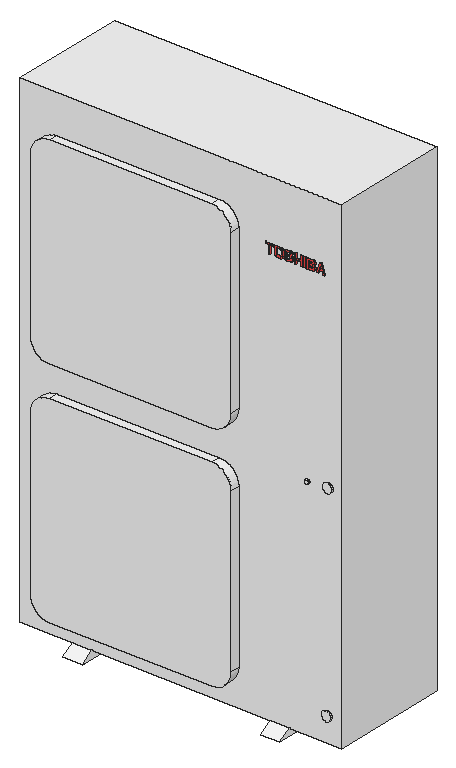
Revit family "RAV_GM1AT8_224-280_Outdoor Unit", category Mechanical Equipment, Revit 2017
Family settings
  Round Connector Dimension = Use Diameter
  Part Type = Normal
  OmniClass Number = 23.75.00.00
  OmniClass Title = Climate Control (HVAC)
  Work Plane-Based = No
  Always vertical = Yes
  Cut with Voids When Loaded = No
  Shared = No
  Room Calculation Point = No
Parameters (values of type "RAV-GM2241AT8-E")
  Width (mm) = 1010 mm
  Wholesaler Art. No. = ""
  Wholesaler = ""
  Weight (Kg) = "142"
  Watermarked By = ""
  White = Colour RGB-255 255 255
  Voltage (V) = "-"
  URL = "https://www.toshiba-carrier.co.jp/global/"
  Top  Clearance (mm) = 1000 mm
  Static pressure = "-"
  Sound pressure - Cooling/Heating (dB)-Mid = "-"
  Sound pressure - Cooling/Heating (dB)-Low+ = "-"
  Sound pressure - Cooling/Heating (dB)-Low = "-"
  Rated Capacity kW-Cooling/Heating = "20.0 / 22.4"
  Right Side Clearance (mm) [instance] = 300 mm
  Rear Clearance [instance] = 150 mm
  Pdesigh-Cooling/Heating = "-"
  Maximum current = "18.0"
  Stabu Code = ""
  Sound pressure - Cooling/Heating (dB)-Mid+ = "-"
  Sound pressure - Cooling/Heating (dB)-High = "58 / 60"
  Left Side Clearance (mm) [instance] = 150 mm
  Service Area [instance] = no
  Running current-Heating = "-"
  Running current-Cooling = "-"
  Revit Version = ""
  Refrigerant information = "-"
  Red = Colour RGB-250 000 000
  Product Line = ""
  Power consumption-Heating = "-"
  Power consumption-Cooling = "-"
  Rated Power Consumption kW-Cooling/Heating = "-"
  Operating range - Heating (°C) = "-20 -15"
  Operating range - Cooling (°C) = "-15 - 46"
  Model = "RAV-GM2241AT8-E"
  Manufacturer URL = "https://www.toshiba-carrier.co.jp/global/"
  Manufacturer Art. No. = "RAV-GM2241AT8-E"
  Manufacturer = "Toshiba"  # constant formula
  MOCP (A) = "25"
  MEPcontent Class = "HEATPUMP"  # constant formula
  MCA (A) = "-"
  Internal Art. No. = ""
  Piping diameter (mm)-Liquid = 12.7 mm
  Piping diameter (mm)-Gas = 28.6 mm
  Height (mm) = 1550 mm
  GTIN = ""
  GLN = ""
  Front Clearance (mm) [instance] = 1000 mm
  Frequency (Hz) = "-"
  Family Version = ""
  Energy class-Cooling/Heating = "-"
  ETIM Article Class = "EC001213"  # constant formula
  EMCS = "4"  # constant formula
  Duct diameters(mm) = "-"
  Drain pipe(mm) = "-"
  Description = "R32 Big DI  3PH"
  Depth (mm) = 370 mm
  Custom = no
  Copyright = "©Toshiba / HCL"  # constant formula
  Content Supplier URL = "www.hcltech.com"
  Compressor detail - Type = "Hermetic DC twin rotary compressor"
  Compressor detail - Motor output  (kW) = "-"
  Seasonal Efficiency-SEER  / SCOP = "-"
  Rated efficiency-EER / COP = "-"
  CB-NL Class = ""
  Base Family Version = ""
  Article Type = "RAV-GM2241AT8-E"
  Article Description = "R32 Big DI  3PH"
  Airflow m3/h-Cooling/Heating = "9150"
Types (3, lengths in mm): name | Static pressure | Rated Capacity kW-Cooling/Heating | Maximum current | Sound pressure - Cooling/Heating (dB)-High | Operating range - Heating (°C) | Model | Manufacturer Art. No. | Article Type | Airflow m3/h-Cooling/Heating
  (no name) | "-" | "20.0 / 22.4" | "18.0" | "58 / 60" | "-20 -15" | "RAV-GM2241AT8-E" | "RAV-GM2241AT8-E" | "RAV-GM2241AT8-E" | "9150"
  RAV-GM2241AT8-E | "-" | "20.0 / 22.4" | "18.0" | "58 / 60" | "-20 -15" | "RAV-GM2241AT8-E" | "RAV-GM2241AT8-E" | "RAV-GM2241AT8-E" | "9150"
  RAV-GM2801AT8-E | "" | "23.5 / 27.0" | "23" | "61 / 63" | "-20 - 15" | "RAV-GM2801AT8-E" | "RAV-GM2801AT8-E" | "RAV-GM2801AT8-E" | "10890"
Reference planes
  plane 1 "Center (Front/Back)": y = 0
  plane 2: z = 280
  plane 3 "Center (Left/Right)": x = 0
  plane 4: x = -505
  plane 5: y = 185
  plane 6: y = -185
  plane 7: x = 505
  plane 8: z = 1830
  plane 9: z = 304
  plane 10: x = -310.19
  plane 11: x = 309.69
  plane 12: x = -134
  plane 13: z = 459
  plane 14: y = -221.5
  plane 15: y = 221.5
  plane 16: y = 115
Forms (mm)
  Extrusion 1, solid, material "Colour RGB-255 255 255"
    sketch origin (-5, 0, 280) x (1, 0, 0) y (0, 1, 0)
      loop
        line (-500, 185) -> (-500, -185) -> (510, -185) -> (510, 185) -> (-500, 185)
    from 24 to 1550
  Extrusion 2, solid, material "Colour RGB-250 000 000" <- "Red", detail levels fine
    sketch origin (-454.557, -185, 1249.47) x (1, 0, 0) y (0, 0, 1)
      loop
        line (720.557, 393.819) -> (720.557, 388.819) -> (730.557, 388.819) -> (730.557, 363.819) -> (735.557, 363.819) -> (735.557, 388.819) -> (745.557, 388.819) -> (745.557, 393.819) -> (720.557, 393.819)
      loop
        arc (788.557, 381.632) -> (786.436, 382.51) -> (785.557, 384.632) r 3
        line (785.557, 384.632) -> (785.557, 385.819)
        arc (785.557, 385.819) -> (786.436, 387.941) -> (788.557, 388.819) r 3
        line (788.557, 388.819) -> (797.557, 388.819)
        arc (797.557, 388.819) -> (799.678, 387.941) -> (800.557, 385.819) r 3
        line (800.557, 385.819) -> (805.557, 385.819) -> (805.557, 387.819)
        arc (805.557, 387.819) -> (803.8, 392.062) -> (799.557, 393.819) r 6
        line (799.557, 393.819) -> (786.557, 393.819)
        arc (786.557, 393.819) -> (782.315, 392.062) -> (780.557, 387.819) r 6
        line (780.557, 387.819) -> (780.557, 382.632)
        arc (780.557, 382.632) -> (782.315, 378.389) -> (786.557, 376.632) r 6
        line (786.557, 376.632) -> (797.557, 376.632)
        arc (797.557, 376.632) -> (799.678, 375.753) -> (800.557, 373.632) r 3
        line (800.557, 373.632) -> (800.557, 371.819)
        arc (800.557, 371.819) -> (799.678, 369.698) -> (797.557, 368.819) r 3
        line (797.557, 368.819) -> (788.545, 368.819)
        arc (788.545, 368.819) -> (786.432, 369.694) -> (785.557, 371.807) r 2.988
        line (785.557, 371.807) -> (780.557, 371.807) -> (780.557, 369.819)
        arc (780.557, 369.819) -> (782.315, 365.577) -> (786.557, 363.819) r 6
        line (786.557, 363.819) -> (799.557, 363.819)
        arc (799.557, 363.819) -> (803.8, 365.577) -> (805.557, 369.819) r 6
        line (805.557, 369.819) -> (805.557, 375.632)
        arc (805.557, 375.632) -> (803.8, 379.874) -> (799.557, 381.632) r 6
        line (799.557, 381.632) -> (788.557, 381.632)
      loop
        line (750.557, 387.819) -> (750.557, 369.819)
        arc (750.557, 369.819) -> (752.315, 365.577) -> (756.557, 363.819) r 6
        line (756.557, 363.819) -> (769.557, 363.819)
        arc (769.557, 363.819) -> (773.8, 365.577) -> (775.557, 369.819) r 6
        line (775.557, 369.819) -> (775.557, 387.819)
        arc (775.557, 387.819) -> (773.8, 392.062) -> (769.557, 393.819) r 6
        line (769.557, 393.819) -> (756.557, 393.819)
        arc (756.557, 393.819) -> (752.315, 392.062) -> (750.557, 387.819) r 6
      loop
        line (811.182, 393.819) -> (811.182, 363.819) -> (816.182, 363.819) -> (816.182, 376.632) -> (831.182, 376.632) -> (831.182, 363.819) -> (836.182, 363.819) -> (836.182, 393.819) -> (831.182, 393.819) -> (831.182, 381.632) -> (816.182, 381.632) -> (816.182, 393.819) -> (811.182, 393.819)
      loop
        line (755.557, 385.819) -> (755.557, 371.819)
        arc (755.557, 371.819) -> (756.436, 369.698) -> (758.557, 368.819) r 3
        line (758.557, 368.819) -> (767.557, 368.819)
        arc (767.557, 368.819) -> (769.678, 369.698) -> (770.557, 371.819) r 3
        line (770.557, 371.819) -> (770.557, 385.819)
        arc (770.557, 385.819) -> (769.678, 387.941) -> (767.557, 388.819) r 3
        line (767.557, 388.819) -> (758.557, 388.819)
        arc (758.557, 388.819) -> (756.436, 387.941) -> (755.557, 385.819) r 3
      loop
        line (841.182, 393.819) -> (841.182, 363.819) -> (846.182, 363.819) -> (846.182, 393.819) -> (841.182, 393.819)
      loop
        line (851.182, 393.819) -> (851.182, 363.819) -> (868.19, 363.819)
        arc (868.19, 363.819) -> (873.724, 366.042) -> (876.182, 371.476) r 8
        arc (876.182, 371.476) -> (874.843, 375.731) -> (871.309, 378.453) r 7.431
        arc (871.309, 378.453) -> (874.856, 381.192) -> (876.182, 385.473) r 7.431
        arc (876.182, 385.473) -> (873.968, 391.352) -> (868.19, 393.819) r 8
        line (868.19, 393.819) -> (851.182, 393.819)
      loop
        line (856.182, 388.819) -> (856.182, 381.632) -> (867.615, 381.632)
        arc (867.615, 381.632) -> (871.208, 385.226) -> (867.615, 388.819) r 3.594
        line (867.615, 388.819) -> (856.182, 388.819)
      loop
        line (856.182, 376.319) -> (856.182, 368.819) -> (867.642, 368.819)
        arc (867.642, 368.819) -> (871.392, 372.569) -> (867.642, 376.319) r 3.75
        line (867.642, 376.319) -> (856.182, 376.319)
      loop
        line (891.182, 393.819) -> (881.182, 363.819) -> (886.453, 363.819) -> (888.64, 370.382) -> (898.724, 370.382) -> (900.912, 363.819) -> (906.182, 363.819) -> (896.182, 393.819) -> (891.182, 393.819)
      loop
        line (890.307, 375.382) -> (897.058, 375.382) -> (893.682, 385.508) -> (890.307, 375.382)
    from 0 to 2
  Extrusion 3, solid, material "Colour RGB-255 255 255" <- "White", detail levels fine
    sketch origin (-495, -1474, 1830) x (0, -1, 0) y (-1, 0, 0)
      loop
        circle (-1589, -426) r 12.5
    from 1526 to 1528.975
  Extrusion 4, solid, material "Colour RGB-255 255 255" <- "White", detail levels fine
    sketch origin (-495, -185, 1200) x (1, 0, 0) y (0, 0, 1)
      loop
        circle (891, -185) r 6.35
      loop
        circle (956, -180) r 14.3
    from 0 to 3.029
  Extrusion 5, solid, material "Colour RGB-255 255 255", detail levels medium+fine
    sketch origin (-505, 195, 1200) x (0, -1, 0) y (0, 0, 1)
      loop
        line (416.5, -920) -> (380, -896) -> (10, -896) -> (-26.5, -920) -> (416.5, -920)
    from -225.355 to -165.127
  Extrusion 6, solid, material "Colour RGB-255 255 255" <- "White", detail levels fine
    sketch origin (-495, -185, 1170) x (1, 0, 0) y (0, 0, 1)
      loop
        circle (952.41, -790.652) r 15
    from 0 to 3.029
  Extrusion 7, solid, material "Colour RGB-255 255 255", detail levels medium+fine
    sketch origin (505, 195, 1200) x (0, -1, 0) y (0, 0, -1)
      loop
        line (416.5, 920) -> (-26.5, 920) -> (10, 896) -> (380, 896) -> (416.5, 920)
    from -225.355 to -165.127
Lines and regions (mm)
  model lines, detail levels fine
    curve 1: line (-505, -185, 1786) -> (-505, 185, 1786)
    curve 2: line (505, -185, 1786) -> (-505, -185, 1786)
    curve 3: line (199, -185, 304) -> (199, -185, 1786)
    curve 4: line (505, -185, 1786) -> (505, 185, 1786)
    curve 5: line (441.5, 185, 333.5) -> (441.5, 185, 1830)
    curve 6: line (-225, 185, 333.5) -> (446.5, 185, 333.5)
    curve 7: line (446.5, 185, 334) -> (446.5, 185, 333.5)
    curve 8: line (-225, 185, 1830) -> (-225, 185, 328.5)
    curve 9: line (-505, 185, 328.5) -> (-225, 185, 328.5)
    curve 10: line (-452.2, 165.3, 1830) -> (452.2, 165.3, 1830)
    curve 11: line (-461, 47.1, 1830) -> (-461, 156.5, 1830)
    curve 12: line (452.2, 38.3, 1830) -> (-452.2, 38.3, 1830)
    curve 13: line (461, 156.5, 1830) -> (461, 47.1, 1830)
    curve 14: arc (-452.2, 165.3, 1830) -> (-458.423, 162.723, 1830) -> (-461, 156.5, 1830) r 8.8
    curve 15: arc (-461, 47.1, 1830) -> (-458.423, 40.877, 1830) -> (-452.2, 38.3, 1830) r 8.8
    curve 16: arc (461, 156.5, 1830) -> (458.423, 162.723, 1830) -> (452.2, 165.3, 1830) r 8.8
    curve 17: arc (461, 47.1, 1830) -> (458.423, 40.877, 1830) -> (452.2, 38.3, 1830) r 8.8
    curve 18: line (-452.2, 20.352, 1830) -> (452.2, 20.352, 1830)
    curve 19: line (-461, -27.848, 1830) -> (-461, 11.552, 1830)
    curve 20: line (452.2, -36.648, 1830) -> (-452.2, -36.648, 1830)
    curve 21: line (461, 11.552, 1830) -> (461, -27.848, 1830)
    curve 22: arc (-452.2, 20.352, 1830) -> (-458.423, 17.774, 1830) -> (-461, 11.552, 1830) r 8.8
    curve 23: arc (-461, -27.848, 1830) -> (-458.423, -34.071, 1830) -> (-452.2, -36.648, 1830) r 8.8
    curve 24: arc (461, 11.552, 1830) -> (458.423, 17.774, 1830) -> (452.2, 20.352, 1830) r 8.8
    curve 25: arc (461, -27.848, 1830) -> (458.423, -34.071, 1830) -> (452.2, -36.648, 1830) r 8.8
    curve 26: line (-452.2, -59.648, 1830) -> (452.2, -59.648, 1830)
    curve 27: line (-461, -146.2, 1830) -> (-461, -68.448, 1830)
    curve 28: line (452.2, -155, 1830) -> (-452.2, -155, 1830)
    curve 29: line (461, -68.448, 1830) -> (461, -146.2, 1830)
    curve 30: arc (-452.2, -59.648, 1830) -> (-458.423, -62.226, 1830) -> (-461, -68.448, 1830) r 8.8
    curve 31: arc (-461, -146.2, 1830) -> (-458.423, -152.423, 1830) -> (-452.2, -155, 1830) r 8.8
    curve 32: arc (461, -68.448, 1830) -> (458.423, -62.226, 1830) -> (452.2, -59.648, 1830) r 8.8
    curve 33: arc (461, -146.2, 1830) -> (458.423, -152.423, 1830) -> (452.2, -155, 1830) r 8.8
    curve 34: line (330, -185, 495.644) -> (505, -185, 495.644)
    curve 35: line (330, -185, 304) -> (330, -185, 495.644)
    curve 36: line (505, -185, 304) -> (330, -185, 304)
    curve 37: line (505, -185, 495.644) -> (505, -185, 304)
    curve 38: line (417, -185, 430) -> (497, -185, 430)
    curve 39: line (417, -185, 335) -> (417, -185, 430)
    curve 40: line (497, -185, 335) -> (417, -185, 335)
    curve 41: line (497, -185, 430) -> (497, -185, 335)
    curve 42: circle (370, -185, 459) r 19 normal (0, -1, 0)
    curve 43: line (505, -37.646, 1751.63) -> (505, 142.354, 1751.63)
    curve 44: line (505, -37.646, 455.63) -> (505, -37.646, 1751.63)
    curve 45: line (505, 142.354, 455.63) -> (505, -37.646, 455.63)
    curve 46: line (505, 142.354, 1751.63) -> (505, 142.354, 455.63)
    curve 47: line (505, -167, 454) -> (505, -87, 454)
    curve 48: line (505, -167, 359) -> (505, -167, 454)
    curve 49: line (505, -87, 359) -> (505, -167, 359)
    curve 50: line (505, -87, 454) -> (505, -87, 359)
    curve 51: circle (505, 11, 422) r 15 normal (-1, 0, 0)
    curve 52: line (505, -57.646, 1786) -> (505, -57.646, 304)
    curve 53: line (-505, -167, 1771.426) -> (-505, -102, 1771.426)
    curve 54: line (-505, -167, 991.426) -> (-505, -167, 1771.426)
    curve 55: line (-505, -102, 991.426) -> (-505, -167, 991.426)
    curve 56: line (-505, -102, 1771.426) -> (-505, -102, 991.426)
    curve 57: line (-505, -82, 1771.426) -> (-505, -17, 1771.426)
    curve 58: line (-505, -82, 991.426) -> (-505, -82, 1771.426)
    curve 59: line (-505, -17, 991.426) -> (-505, -82, 991.426)
    curve 60: line (-505, -17, 1771.426) -> (-505, -17, 991.426)
    curve 61: line (-505, 167, 1771.426) -> (-505, 52, 1771.426)
    curve 62: line (-505, 167, 991.426) -> (-505, 167, 1771.426)
    curve 63: line (-505, 52, 991.426) -> (-505, 167, 991.426)
    curve 64: line (-505, 52, 1771.426) -> (-505, 52, 991.426)
    curve 65: line (-505, 32, 1771.426) -> (-505, 17, 1771.426)
    curve 66: line (-505, 32, 991.426) -> (-505, 32, 1771.426)
    curve 67: line (-505, 17, 991.426) -> (-505, 32, 991.426)
    curve 68: line (-505, 17, 1771.426) -> (-505, 17, 991.426)
    curve 69: line (-505, -167, 971.426) -> (-505, -102, 971.426)
    curve 70: line (-505, -167, 706.426) -> (-505, -167, 971.426)
    curve 71: line (-505, -102, 706.426) -> (-505, -167, 706.426)
    curve 72: line (-505, -102, 971.426) -> (-505, -102, 706.426)
    curve 73: line (-505, -82, 971.426) -> (-505, -17, 971.426)
    curve 74: line (-505, -82, 706.426) -> (-505, -82, 971.426)
    curve 75: line (-505, -17, 706.426) -> (-505, -82, 706.426)
    curve 76: line (-505, -17, 971.426) -> (-505, -17, 706.426)
    curve 77: line (-505, 167, 971.426) -> (-505, 102, 971.426)
    curve 78: line (-505, 167, 706.426) -> (-505, 167, 971.426)
    curve 79: line (-505, 102, 706.426) -> (-505, 167, 706.426)
    curve 80: line (-505, 102, 971.426) -> (-505, 102, 706.426)
    curve 81: line (-505, 82, 971.426) -> (-505, 67, 971.426)
    curve 82: line (-505, 82, 706.426) -> (-505, 82, 971.426)
    curve 83: line (-505, 67, 706.426) -> (-505, 82, 706.426)
    curve 84: line (-505, 67, 971.426) -> (-505, 67, 706.426)
    curve 85: line (-505, -167, 619) -> (-505, -102, 619)
    curve 86: line (-505, -167, 334) -> (-505, -167, 619)
    curve 87: line (-505, -102, 334) -> (-505, -167, 334)
    curve 88: line (-505, -102, 619) -> (-505, -102, 334)
    curve 89: line (-505, -82, 619) -> (-505, -17, 619)
    curve 90: line (-505, -82, 334) -> (-505, -82, 619)
    curve 91: line (-505, -17, 334) -> (-505, -82, 334)
    curve 92: line (-505, -17, 619) -> (-505, -17, 334)
    curve 93: line (-505, 167, 619) -> (-505, 102, 619)
    curve 94: line (-505, 167, 334) -> (-505, 167, 619)
    curve 95: line (-505, 102, 334) -> (-505, 167, 334)
    curve 96: line (-505, 102, 619) -> (-505, 102, 334)
    curve 97: line (-505, 82, 619) -> (-505, 67, 619)
    curve 98: line (-505, 82, 334) -> (-505, 82, 619)
    curve 99: line (-505, 67, 334) -> (-505, 82, 334)
    curve 100: line (-505, 67, 619) -> (-505, 67, 334)
    curve 101: line (-505, -151.487, 682.5) -> (-505, 17, 682.5)
    curve 102: line (-505, -151.487, 634.713) -> (-505, -151.487, 682.5)
    curve 103: line (-505, 17, 634.713) -> (-505, -151.487, 634.713)
    curve 104: line (-505, 17, 682.5) -> (-505, 17, 634.713)
    curve 105: line (-505, 87.078, 676.688) -> (-505, 122.078, 676.688)
    curve 106: line (-505, 87.078, 646.688) -> (-505, 87.078, 676.688)
    curve 107: line (-505, 122.078, 646.688) -> (-505, 87.078, 646.688)
    curve 108: line (-505, 122.078, 676.688) -> (-505, 122.078, 646.688)
    curve 109: line (-247, 185, 1766.051) -> (-327, 185, 1766.051)
    curve 110: line (-247, 185, 366.051) -> (-247, 185, 1766.051)
    curve 111: line (-327, 185, 366.051) -> (-247, 185, 366.051)
    curve 112: line (-327, 185, 1766.051) -> (-327, 185, 366.051)
    curve 113: line (-403.75, 185, 1630.302) -> (-438.75, 185, 1630.302)
    curve 114: line (-403.75, 185, 1310.302) -> (-403.75, 185, 1630.302)
    curve 115: line (-438.75, 185, 1310.302) -> (-403.75, 185, 1310.302)
    curve 116: line (-438.75, 185, 1630.302) -> (-438.75, 185, 1310.302)
    curve 117: line (-403.75, 185, 1152.164) -> (-438.75, 185, 1152.164)
    curve 118: line (-403.75, 185, 350.5) -> (-403.75, 185, 1152.164)
    curve 119: line (-438.75, 185, 350.5) -> (-403.75, 185, 350.5)
    curve 120: line (-438.75, 185, 1152.164) -> (-438.75, 185, 350.5)
    curve 121: line (-380.477, 185, 1256.238) -> (-455.477, 185, 1256.238)
    curve 122: line (-380.477, 185, 1216.238) -> (-380.477, 185, 1256.238)
    curve 123: line (-455.477, 185, 1216.238) -> (-380.477, 185, 1216.238)
    curve 124: line (-455.477, 185, 1256.238) -> (-455.477, 185, 1216.238)
    curve 125: line (-429.22, 185, 1795) -> (-493.22, 185, 1795)
    curve 126: line (-429.22, 185, 1700) -> (-429.22, 185, 1795)
    curve 127: line (-493.22, 185, 1700) -> (-429.22, 185, 1700)
    curve 128: line (-493.22, 185, 1795) -> (-493.22, 185, 1700)
    curve 129: line (441.5, 185, 1786) -> (-225, 185, 1786)
    curve 130: line (-419.22, 185, 1830) -> (-419.22, 185, 1680)
    curve 131: line (-454.22, 185, 1645) -> (-505, 185, 1645)
    curve 132: arc (-454.22, 185, 1645) -> (-429.471, 185, 1655.251) -> (-419.22, 185, 1680) r 35
Dimensions and locks
  "Depth (mm)": plane 6 to plane 5
  "Width (mm)": plane 4 to plane 7
  "Height (mm)": plane 8 to level
  locked: plane 9 to plane 2 at 24
  plane 10 to plane 11 = 619.881 mm
  nested 1 to level = 391 mm
  nested 3 to nested 1 = 725 mm
  plane 4 to plane 12 = 371 mm
  plane 4 to plane 7 = 1010 mm
  Extrusion 4 to plane 9 = 716 mm
  Extrusion 4 to plane 9 = 711 mm
  curve 42 to plane 7 = 135 mm
  plane 13 to plane 9 = 155 mm
  plane 5 to plane 6 = 370 mm
  plane 8 to level = 1550 mm
  plane 6 to plane 5 = 370 mm
  level to plane 8 = 1550 mm
  nested 1 to plane 6 = 30 mm
  plane 14 to plane 15 = 443 mm
  Extrusion 3 to plane 3 "Center (Left/Right)" = 69 mm
  Extrusion 1 to plane 16 = 70 mm
  aligned and locked: level to plane 2
  aligned and locked: Extrusion 1 to plane 5
  aligned and locked: plane 6 to Extrusion 1
  aligned and locked: plane 4 to Extrusion 1
  aligned and locked: Extrusion 1 to plane 7
  aligned and locked: Extrusion 1 to plane 8
  aligned and locked: plane 7 to curve 37
  aligned and locked: plane 9 to Extrusion 5 sketch curve
  aligned and locked: Extrusion 1 to plane 9
  aligned and locked: plane 9 to curve 3
  aligned and locked: plane 8 to curve 5
  aligned and locked: plane 8 to curve 8
  aligned and locked: nested 2 to plane 2
  aligned and locked: Extrusion 3 to Extrusion 1
  aligned and locked: nested 3 to plane 6
  aligned and locked: nested 1 to plane 6
  aligned and locked: Extrusion 4 to Extrusion 6
  aligned and locked: plane 4 to nested 2
Automatic sketch dimensions
  Extrusion 1 sketch curve to plane 4 = 0 mm
  plane 6 to Extrusion 1 sketch curve = 0 mm
  Extrusion 1 sketch curve to plane 7 = 0 mm
  plane 5 to Extrusion 1 sketch curve = 0 mm
  curve 1 to plane 5 = 0 mm
  curve 1 to plane 6 = 0 mm
  plane 5 to curve 93 = 18 mm
  plane 5 to curve 63 = 18 mm
  plane 5 to curve 78 = 18 mm
  curve 93 to curve 108 = 44.922 mm
  curve 105 to curve 79 = 20.078 mm
  plane 9 to curve 96 = 30 mm
  curve 94 to curve 96 = 65 mm
  curve 79 to curve 106 = 14.922 mm
  curve 79 to curve 82 = 20 mm
  curve 95 to curve 99 = 20 mm
  curve 82 to curve 83 = 15 mm
  curve 98 to curve 99 = 15 mm
  curve 81 to curve 64 = 15 mm
  curve 61 to curve 66 = 20 mm
  curve 66 to curve 67 = 15 mm
  curve 101 to plane 1 "Center (Front/Back)" = 17 mm
  plane 1 "Center (Front/Back)" to curve 59 = 17 mm
  plane 1 "Center (Front/Back)" to curve 75 = 17 mm
  plane 1 "Center (Front/Back)" to curve 92 = 17 mm
  curve 59 to curve 58 = 65 mm
  curve 89 to curve 89 = 65 mm
  curve 75 to curve 74 = 65 mm
  curve 57 to curve 56 = 20 mm
  curve 90 to curve 87 = 20 mm
  curve 73 to curve 69 = 20 mm
  curve 101 to plane 6 = 33.513 mm
  curve 70 to plane 6 = 18 mm
  curve 85 to plane 6 = 18 mm
  curve 54 to plane 6 = 18 mm
  plane 9 to curve 92 = 30 mm
  plane 9 to curve 86 = 30 mm
  curve 95 to curve 98 = 0 mm
  curve 91 to curve 92 = 285 mm
  curve 100 to curve 89 = 0 mm
  curve 89 to curve 88 = 0 mm
  curve 96 to curve 97 = 0 mm
  curve 89 to curve 103 = 15.713 mm
  curve 93 to curve 108 = 27.688 mm
  curve 106 to curve 106 = 30 mm
  curve 103 to curve 101 = 47.787 mm
  curve 101 to curve 75 = 23.926 mm
  curve 74 to curve 72 = 0 mm
  curve 105 to curve 78 = 29.738 mm
  curve 79 to curve 82 = 0 mm
  curve 83 to curve 84 = 265 mm
  curve 80 to curve 81 = 0 mm
  curve 81 to curve 76 = 0 mm
  curve 73 to curve 72 = 0 mm
  curve 73 to curve 68 = 20 mm
  curve 69 to curve 55 = 20 mm
  curve 64 to curve 66 = 0 mm
  curve 73 to curve 58 = 20 mm
  plane 8 to curve 61 = 58.574 mm
  plane 8 to curve 60 = 58.574 mm
  curve 65 to curve 57 = 0 mm
  curve 57 to curve 56 = 0 mm
  curve 53 to curve 1 = 14.574 mm
  plane 4 to curve 2 = 0 mm
  curve 35 to plane 9 = 0 mm
  plane 7 to curve 2 = 0 mm
  curve 34 to plane 11 = 20.31 mm
  plane 7 to curve 38 = 8 mm
  curve 38 to curve 42 = 29 mm
  curve 38 to curve 34 = 65.644 mm
  plane 11 to curve 3 = 110.69 mm
  plane 8 to curve 2 = 44 mm
  plane 4 to curve 9 = 0 mm
  plane 4 to curve 131 = 0 mm
  curve 130 to plane 8 = 0 mm
  curve 128 to plane 4 = 11.78 mm
  curve 124 to plane 4 = 49.523 mm
  curve 127 to curve 132 = 39 mm
  curve 123 to curve 120 = 16.727 mm
  curve 121 to curve 115 = 16.727 mm
  curve 125 to curve 125 = 64 mm
  curve 126 to curve 130 = 10 mm
  curve 117 to curve 118 = 35 mm
  curve 115 to curve 115 = 35 mm
  curve 114 to curve 122 = 23.273 mm
  curve 112 to plane 10 = 16.81 mm
  plane 10 to curve 110 = 63.19 mm
  curve 110 to curve 8 = 22 mm
  plane 7 to curve 7 = 58.5 mm
  plane 8 to curve 125 = 35 mm
  plane 8 to curve 109 = 63.949 mm
  curve 127 to curve 125 = 95 mm
  curve 132 to curve 126 = 20 mm
  curve 114 to curve 132 = 49.698 mm
  curve 116 to curve 113 = 320 mm
  curve 121 to curve 115 = 54.064 mm
  curve 123 to curve 121 = 40 mm
  curve 117 to curve 122 = 64.074 mm
  plane 9 to curve 111 = 62.051 mm
  plane 9 to curve 118 = 46.5 mm
  plane 9 to curve 7 = 29.5 mm
  curve 9 to curve 6 = 5 mm
  plane 7 to curve 5 = 63.5 mm
  curve 109 to curve 129 = 19.949 mm
  curve 6 to curve 7 = 0.5 mm
  curve 4 to plane 5 = 0 mm
  curve 52 to plane 9 = 0 mm
  curve 4 to plane 6 = 0 mm
  plane 5 to curve 46 = 42.646 mm
  plane 1 "Center (Front/Back)" to curve 43 = 37.646 mm
  curve 44 to curve 47 = 49.354 mm
  curve 48 to plane 6 = 18 mm
  plane 9 to curve 48 = 55 mm
  curve 48 to curve 48 = 95 mm
  plane 9 to curve 46 = 151.63 mm
  plane 8 to curve 46 = 78.37 mm
  plane 1 "Center (Front/Back)" to curve 52 = 57.646 mm
  curve 43 to curve 52 = 34.37 mm
  plane 5 to curve 10 = 19.7 mm
  curve 10 to curve 11 = 8.8 mm
  curve 10 to curve 13 = 8.8 mm
  curve 13 to plane 1 "Center (Front/Back)" = 47.1 mm
  curve 15 to plane 1 "Center (Front/Back)" = 47.1 mm
  curve 15 to curve 12 = 8.8 mm
  curve 12 to curve 18 = 17.948 mm
  curve 24 to curve 24 = 8.8 mm
  curve 22 to curve 22 = 8.8 mm
  plane 1 "Center (Front/Back)" to curve 21 = 27.848 mm
  plane 1 "Center (Front/Back)" to curve 23 = 27.848 mm
  curve 23 to curve 20 = 8.8 mm
  curve 20 to curve 26 = 23 mm
  curve 26 to curve 29 = 8.8 mm
  curve 26 to curve 27 = 8.8 mm
  curve 31 to plane 6 = 38.8 mm
  curve 33 to plane 6 = 38.8 mm
  curve 31 to curve 28 = 8.8 mm
  curve 19 to plane 4 = 44 mm
  curve 11 to curve 18 = 8.8 mm
  curve 27 to plane 4 = 44 mm
  plane 7 to curve 33 = 52.8 mm
  curve 20 to curve 26 = 0 mm
  plane 7 to curve 10 = 52.8 mm
  plane 11 to Extrusion 2 sketch curve = 43.69 mm
  Extrusion 2 sketch curve to Extrusion 2 sketch curve = 10 mm  (x2)
  Extrusion 2 sketch curve to Extrusion 2 sketch curve = 5 mm  (x21)
  plane 11 to Extrusion 2 sketch curve = 13.69 mm
  plane 11 to Extrusion 2 sketch curve = 7.69 mm
  Extrusion 2 sketch curve to Extrusion 2 sketch curve = 1 mm  (x13)
  Extrusion 2 sketch curve to Extrusion 2 sketch curve = 2 mm  (x9)
  Extrusion 2 sketch curve to plane 11 = 3.31 mm  (x2)
  Extrusion 2 sketch curve to plane 11 = 5.31 mm
  Extrusion 2 sketch curve to Extrusion 2 sketch curve = 1.988 mm
  Extrusion 2 sketch curve to Extrusion 2 sketch curve = 9.012 mm
  Extrusion 2 sketch curve to Extrusion 2 sketch curve = 0 mm  (x12)
  Extrusion 2 sketch curve to Extrusion 2 sketch curve = 9 mm
  Extrusion 2 sketch curve to Extrusion 2 sketch curve = 5.625 mm
  Extrusion 2 sketch curve to Extrusion 2 sketch curve = 10.625 mm
  Extrusion 2 sketch curve to Extrusion 2 sketch curve = 15 mm
  Extrusion 2 sketch curve to Extrusion 2 sketch curve = 11.432 mm
  Extrusion 2 sketch curve to Extrusion 2 sketch curve = 0.028 mm
  Extrusion 2 sketch curve to Extrusion 2 sketch curve = 0.547 mm
  Extrusion 2 sketch curve to Extrusion 2 sketch curve = 0.575 mm
  Extrusion 2 sketch curve to Extrusion 2 sketch curve = 0.561 mm  (x2)
  Extrusion 2 sketch curve to Extrusion 2 sketch curve = 12.993 mm
  Extrusion 2 sketch curve to Extrusion 2 sketch curve = 5.27 mm  (x2)
  Extrusion 2 sketch curve to Extrusion 2 sketch curve = 2.187 mm  (x2)
  Extrusion 2 sketch curve to Extrusion 2 sketch curve = 1.667 mm  (x2)
  Extrusion 2 sketch curve to Extrusion 2 sketch curve = 0.875 mm
  Extrusion 2 sketch curve to Extrusion 2 sketch curve = 2.5 mm
  Extrusion 2 sketch curve to Extrusion 2 sketch curve = 6.751 mm
  plane 8 to Extrusion 2 sketch curve = 216.711 mm
  Extrusion 2 sketch curve to Extrusion 2 sketch curve = 6 mm
  Extrusion 2 sketch curve to Extrusion 2 sketch curve = 6.562 mm
  Extrusion 2 sketch curve to Extrusion 2 sketch curve = 2.656 mm
  Extrusion 2 sketch curve to Extrusion 2 sketch curve = 0.344 mm
  Extrusion 2 sketch curve to Extrusion 2 sketch curve = 0.75 mm
  Extrusion 2 sketch curve to Extrusion 2 sketch curve = 1.812 mm
  Extrusion 2 sketch curve to Extrusion 2 sketch curve = 5.312 mm
  Extrusion 2 sketch curve to Extrusion 2 sketch curve = 3.594 mm
  Extrusion 2 sketch curve to Extrusion 2 sketch curve = 0.204 mm
  Extrusion 2 sketch curve to Extrusion 2 sketch curve = 10.126 mm
  Extrusion 2 sketch curve to Extrusion 2 sketch curve = 4.188 mm
  Extrusion 2 sketch curve to Extrusion 2 sketch curve = 14 mm
  Extrusion 2 sketch curve to Extrusion 2 sketch curve = 0.39 mm
  Extrusion 2 sketch curve to Extrusion 2 sketch curve = 8.311 mm
  Extrusion 2 sketch curve to Extrusion 2 sketch curve = 12.188 mm  (x2)
  Extrusion 2 sketch curve to Extrusion 2 sketch curve = 3.667 mm
  Extrusion 3 sketch curve to plane 1 "Center (Front/Back)" = 115 mm
  Extrusion 3 sketch curve to plane 3 "Center (Left/Right)" = 69 mm
  Extrusion 4 sketch curve to plane 11 = 86.31 mm
  plane 7 to Extrusion 4 sketch curve = 44 mm
  plane 9 to Extrusion 4 sketch curve = 711 mm
  Extrusion 4 sketch curve to Extrusion 4 sketch curve = 5 mm
  Extrusion 1 to curve 51 = 174 mm
  Extrusion 1 to curve 51 = 118 mm
  Extrusion 5 sketch curve to level = 0 mm
  Extrusion 5 sketch curve to plane 5 = 0 mm
  Extrusion 5 sketch curve to plane 6 = 0 mm
  Extrusion 5 sketch curve to plane 5 = 36.5 mm
  plane 6 to Extrusion 5 sketch curve = 36.5 mm
  plane 7 to Extrusion 6 sketch curve = 47.59 mm
  plane 9 to Extrusion 6 sketch curve = 75.348 mm
  Extrusion 7 sketch curve to level = 0 mm
  Extrusion 7 sketch curve to plane 5 = 0 mm
  Extrusion 7 sketch curve to plane 6 = 0 mm
  Extrusion 7 sketch curve to plane 9 = 0 mm
  Extrusion 7 sketch curve to plane 5 = 36.5 mm
  plane 6 to Extrusion 7 sketch curve = 36.5 mm
  plane 9 to curve 41 = 31 mm
  curve 39 to curve 40 = 80 mm
  curve 40 to curve 41 = 95 mm
  radius of curve 42 = 19 mm
  radius of Extrusion 3 sketch curve = 12.5 mm
  radius of Extrusion 4 sketch curve = 6.35 mm
  radius of Extrusion 4 sketch curve = 14.3 mm
  radius of curve 51 = 15 mm
  radius of Extrusion 6 sketch curve = 15 mm
Nested families
  nested 1: "GRILL" at (-134, 198.923, 671) x (0, 0, -1) z (1, 0, 0), type "GRILL", detail levels medium+fine
  nested 2: "SERVICE AREA" at (0, 0, 280), visible <- "Service Area", SERVICE AREA <- "Service Area", type "SERVICE AREA"
    with SERVICE AREA no, Rear Clearance 200 mm, Left Side Clearance 300 mm, Front Clearance 1000 mm
  nested 3: "GRILL" at (-134, 198.923, 1396) x (0, 0, -1) z (1, 0, 0), type "GRILL", detail levels medium+fine
Connectors
  piping at (-69, 115, 301.025), diameter 25
    settings: on Extrusion 3, index 8, connector inside diameter 609.6 mm, connector length 0 mm, flow factor 0, pipe flow 0.0 L/s, pressure drop 0.0 Pa, fitting loss kfactor 0, connector angle 0.00°, fixture units 0, engagement length 0 mm, angle of deflection 0.00°, flow configuration 0, flow direction 2, fitting loss method 0, system type 17, joint type 0, gender type 0, connector reference index -1, connector utility 0, adjustable connector no, is connector primary yes, connector description "DRAIN PORT"
  piping at (461, -188.029, 1020), diameter 28.6
    settings: on Extrusion 4, index 9, connector inside diameter 609.6 mm, connector length 0 mm, flow factor 0, pipe flow 0.0 L/s, pressure drop 0.0 Pa, fitting loss kfactor 0, connector angle 0.00°, fixture units 0, engagement length 0 mm, angle of deflection 0.00°, flow configuration 0, flow direction 2, fitting loss method 0, system type 8, joint type 0, gender type 0, connector reference index -1, connector utility 0, adjustable connector no, is connector primary no, connector description "Refrigerant pipe connecting port-Gas Side (dia 28.6mm)"
  piping at (396, -188.029, 1015), diameter 12.7
    settings: on Extrusion 4, index 10, connector inside diameter 609.6 mm, connector length 0 mm, flow factor 0, pipe flow 0.0 L/s, pressure drop 0.0 Pa, fitting loss kfactor 0, connector angle 0.00°, fixture units 0, engagement length 0 mm, angle of deflection 0.00°, flow configuration 0, flow direction 1, fitting loss method 0, system type 7, joint type 0, gender type 0, connector reference index -1, connector utility 0, adjustable connector no, is connector primary no, connector description "Refrigerant pipe connecting port-Liquid Side (dia 12.7mm)"
  electrical at (457.41, -188.029, 379.348)
    settings: on Extrusion 6, index 11, voltage 0 V, apparent load 0 VA, apparent load phase1 0 VA, apparent load phase2 0 VA, apparent load phase3 0 VA, power factor 1, load classification "Other", number of poles 1, system type 31, power factor state 1, is connector primary yes, connector utility no, sub classification motor no, connector description "ELECTRICAL CONNECTOR"
Definition of nested family "GRILL"
  Reference planes
    plane 1 "Center (Front/Back)": y = 0
    plane 2: z = 0
    plane 3 "Center (Left/Right)": x = 0
    plane 4: y = -413.923
  Forms (mm)
    Extrusion 1, solid
      sketch origin (0, -413.923, -193.317) x (0, 0, -1) y (-1, 0, 0)
        loop
          line (-507.317, 254) -> (-507.317, -254)
          arc (-507.317, -254) -> (-489.744, -296.426) -> (-447.317, -314) r 60
          line (-447.317, -314) -> (60.683, -314)
          arc (60.683, -314) -> (103.109, -296.426) -> (120.683, -254) r 60
          line (120.683, -254) -> (120.683, 254)
          arc (120.683, 254) -> (103.109, 296.426) -> (60.683, 314) r 60
          line (60.683, 314) -> (-447.317, 314)
          arc (-447.317, 314) -> (-489.744, 296.426) -> (-507.317, 254) r 60
      from 0 to 30
  Lines and regions (mm)
    model lines
      curve 1: circle (0, -413.923, 0) r 220 normal (0, 1, 0)
      curve 2: circle (0, -413.923, 0) r 200 normal (0, 1, 0)
      curve 3: circle (0, -413.923, 0) r 180 normal (0, 1, 0)
      curve 4: circle (0, -413.923, 0) r 160 normal (0, 1, 0)
      curve 5: circle (0, -413.923, 0) r 140 normal (0, 1, 0)
      curve 6: circle (0, -413.923, 0) r 160 normal (0, 1, 0)
      curve 7: circle (0, -413.923, 0) r 120 normal (0, 1, 0)
      curve 8: circle (0, -413.923, 0) r 100 normal (0, 1, 0)
      curve 9: circle (0, -413.923, 0) r 240 normal (0, 1, 0)
      curve 10: circle (0, -413.923, 0) r 80 normal (0, 1, 0)
      curve 11: circle (0, -413.923, 0) r 260 normal (0, 1, 0)
      curve 12: circle (0, -413.923, 0) r 280 normal (0, 1, 0)
      curve 13: circle (0, -413.923, 0) r 300 normal (0, 1, 0)
      curve 14: circle (0, -413.923, 0) r 314 normal (0, 1, 0)
      curve 15: arc (-314, -413.923, 108.119) -> (-234.825, -413.923, 234.825) -> (-108.119, -413.923, 314) r 332.093
      curve 16: arc (-314, -413.923, 153.148) -> (-247.033, -413.923, 247.033) -> (-153.148, -413.923, 314) r 349.357
      curve 17: arc (-314, -413.923, 188.67) -> (-259.029, -413.923, 259.029) -> (-188.67, -413.923, 314) r 366.323
      curve 18: arc (-314, -413.923, 219.865) -> (-271.05, -413.923, 271.05) -> (-219.865, -413.923, 314) r 383.323
      curve 19: arc (-314, -413.923, 254) -> (-285.58, -413.923, 285.58) -> (-254, -413.923, 314) r 403.871
      curve 20: arc (314, -413.923, 108.119) -> (234.825, -413.923, 234.825) -> (108.119, -413.923, 314) r 332.093
      curve 21: arc (314, -413.923, 153.148) -> (247.033, -413.923, 247.033) -> (153.148, -413.923, 314) r 349.357
      curve 22: arc (314, -413.923, 188.67) -> (259.029, -413.923, 259.029) -> (188.67, -413.923, 314) r 366.323
      curve 23: arc (314, -413.923, 219.865) -> (271.05, -413.923, 271.05) -> (219.865, -413.923, 314) r 383.323
      curve 24: arc (314, -413.923, 254) -> (285.58, -413.923, 285.58) -> (254, -413.923, 314) r 403.871
      curve 25: arc (-314, -413.923, -108.119) -> (-234.825, -413.923, -234.825) -> (-108.119, -413.923, -314) r 332.093
      curve 26: arc (-314, -413.923, -153.148) -> (-247.033, -413.923, -247.033) -> (-153.148, -413.923, -314) r 349.357
      curve 27: arc (-314, -413.923, -188.67) -> (-259.029, -413.923, -259.029) -> (-188.67, -413.923, -314) r 366.323
      curve 28: arc (-314, -413.923, -219.865) -> (-271.05, -413.923, -271.05) -> (-219.865, -413.923, -314) r 383.323
      curve 29: arc (-314, -413.923, -254) -> (-285.58, -413.923, -285.58) -> (-254, -413.923, -314) r 403.871
      curve 30: arc (314, -413.923, -108.119) -> (234.825, -413.923, -234.825) -> (108.119, -413.923, -314) r 332.093
      curve 31: arc (314, -413.923, -153.148) -> (247.033, -413.923, -247.033) -> (153.148, -413.923, -314) r 349.357
      curve 32: arc (314, -413.923, -188.67) -> (259.029, -413.923, -259.029) -> (188.67, -413.923, -314) r 366.323
      curve 33: arc (314, -413.923, -219.865) -> (271.05, -413.923, -271.05) -> (219.865, -413.923, -314) r 383.323
      curve 34: arc (314, -413.923, -254) -> (285.58, -413.923, -285.58) -> (254, -413.923, -314) r 403.871
  Dimensions and locks
    equal spacing: Extrusion 1 sketch curve, plane 3 "Center (Left/Right)", Extrusion 1 sketch curve, locked at 314 each
    locked: Extrusion 1 sketch curve to Extrusion 1 sketch curve at 628  (x2)
    equal spacing: Extrusion 1 sketch curve, level, Extrusion 1 sketch curve
    aligned and locked: plane 2 to level
Definition of nested family "SERVICE AREA"
  Parameters (values of type "SERVICE AREA")
    Top Clearance = 1000 mm
    Right Side Clearance = 300 mm
    Left Side Clearance [instance] = 150 mm
    SERVICE AREA [instance] = yes
    Rear Clearance [instance] = 150 mm
    Front Clearance [instance] = 1000 mm
  Reference planes
    plane 1 "Center (Front/Back)": y = 0
    plane 2: z = 0
    plane 3 "Center (Left/Right)": x = 0
    plane 4: y = -1185
    plane 5: x = -655
    plane 6: x = -505
    plane 7: y = -185
    plane 8: y = 185
    plane 9: x = 505
    plane 10: x = 805
    plane 11: y = 335
    plane 12: z = 1550
    plane 13: z = 2550
  Forms (mm)
    Extrusion 1, solid, visible <- "SERVICE AREA"
      sketch origin (0, 0, 0) x (1, 0, 0) y (0, 1, 0)
        loop
          line (-505, -185) -> (-505, 185) -> (-655, 185) -> (-655, -185) -> (-505, -185)
        loop
          line (505, 185) -> (505, -185) -> (805, -185) -> (805, 185) -> (505, 185)
      from 0 to 1550
    Extrusion 2, solid, visible <- "SERVICE AREA"
      sketch origin (-0.5, -425, 0) x (1, 0, 0) y (0, 1, 0)
        loop
          line (-505, 240) -> (-505, -760) -> (505.5, -760) -> (505.5, 240) -> (-505, 240)
        loop
          line (-505, 610) -> (505.5, 610) -> (505.5, 760) -> (-505, 760) -> (-505, 610)
      from 0 to 1550
    Extrusion 3, solid, visible <- "SERVICE AREA"
      sketch origin (0, 0, 0) x (1, 0, 0) y (0, 0, 1)
        loop
          line (-505.5, 1550) -> (505, 1550) -> (505, 2550) -> (-505.5, 2550) -> (-505.5, 1550)
      from -185 to 185
  Dimensions and locks
    locked: plane 12 to level at 1550
    locked: plane 6 to plane 9 at 1010
    locked: plane 7 to plane 8 at 370
    plane 13 to plane 12 = 1000 mm
    aligned and locked: level to plane 2
    aligned and locked: plane 5 to Extrusion 1
    aligned and locked: Extrusion 1 to Extrusion 2
    aligned and locked: Extrusion 2 to Extrusion 1  (x4)
    aligned and locked: Extrusion 2 to plane 8
    aligned and locked: Extrusion 1 to plane 6
    aligned and locked: Extrusion 1 to plane 9
    aligned and locked: plane 10 to Extrusion 1
    aligned and locked: Extrusion 1 to plane 12
    aligned and locked: plane 7 to Extrusion 1  (x2)
    aligned and locked: plane 8 to Extrusion 1
